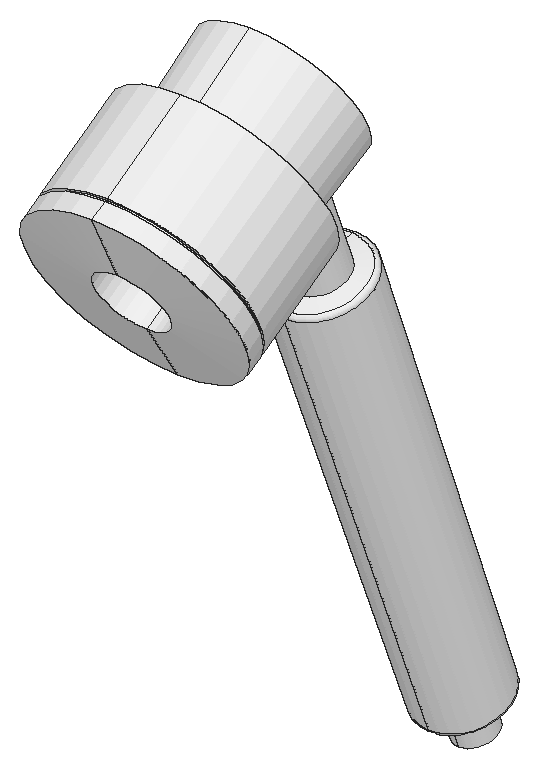
Revit family "Handshower-American_Standard-FloWise_Modern-1660_Series", category Plumbing Fixtures, Revit 2015
Parameters (values of type "1660.641.002")
  Width = 2 1/2"
  Waste Connection = yes
  WFU = 4
  Vent Connection = no
  URL = "https://www.americanstandard-us.com/"
  Type Comments = ""
  Product Page URL = "https://www.americanstandard-us.com/bathroom/shower-faucets/flowise-modern-water-saving-hand-shower-20152"
  Product Documentation Link = "https://www.americanstandard-us.com/-/media/sites/asus/files/product-specs/bulk/specsheet1660641.pdf?la=en"
  Price = "Prices may vary. Please consult Manufacturer Representative for most up-to-date price list."  # constant formula
  NPT Connection Size = 1/2"
  Model = "1660.641.002"
  Material = "Brass-American Standard-002-Polished Chrome"
  Manufacturer = "American Standard"
  Height = 9 1/2"
  HWFU = 3
  HW Connection = yes
  Flow Rate = "1.5gpm"
  Finish = Brass-American Standard-002-Polished Chrome
  Description = "Flowise Modern Water Saving Hand Shower"
  Default Elevation = 0"
  Creation Date = "07/17/2017"
  CWFU = 3
  CW Connection = yes
  Assembly Code = "D2010700"
Types (3): name | Model | Material | Finish
  (no name) | "1660.641.002" | "Brass-American Standard-002-Polished Chrome" | Brass-American Standard-002-Polished Chrome
  1660.641.002 | "1660.641.002" | "Brass-American Standard-002-Polished Chrome" | Brass-American Standard-002-Polished Chrome
  1660.641.295 | "1660.641.295" | "Brass-American Standard-295-Brushed Nickel" | Brass-American Standard-295-Brushed Nickel
Reference planes (in)
  plane 1 "Center (Front/Back)": y = 0
  plane 2: z = 0
  plane 3 "Center (Left/Right)": x = 0
  plane 4: z = 0
  plane 5: through (0, -4.75, 8.22724) normal (0, -0.5, 0.866)
  plane 6: through (0, 0, 0) normal (0, 0.5, -0.866)
  plane 7: through (0, 0, 0) normal (0, 0.9304, 0.3666)
  plane 8: through (0, -6.20901, 4.49813) normal (0, 0.5, -0.866)
  plane 9: through (0, -5.66081, 7.88117) normal (0, -0.866, -0.5)
  plane 10: through (0, -1.83812, 6.26008) normal (0, 0.866, 0.5)
  plane 11: through (0, 0.2326, 0.09165) normal (0, 0.9304, 0.3666)
  plane 12: through (0, -0.2326, -0.09165) normal (0, 0.9304, 0.3666)
Forms (in)
  Revolve 1, solid, material "Brass-American Standard-002-Polished Chrome" <- "Finish"
    sketch origin (0, 0, 0) x (0, 1, 0) y (0, 0, 1)
      loop
        line (-0.21891, -0.12639) -> (0.01369, -0.03474) -> (-2.79063, 7.08233) -> (-3.09789, 6.96126) -> (-2.5839, 5.65681) -> (-2.75503, 5.55801)
        arc (-2.75503, 5.55801) -> (-2.78188, 5.52543) -> (-2.78078, 5.48322) r 0.06028
        line (-2.78078, 5.48322) -> (-0.66116, 0.23699)
        arc (-0.66116, 0.23699) -> (-0.64838, 0.22393) -> (-0.63011, 0.22365) r 0.02401
        line (-0.63011, 0.22365) -> (-0.39356, 0.31686) -> (-0.21891, -0.12639)
      axis (0.01369, -0.03474) -> (-2.79063, 7.08233)
    angle from 0 to 360
  Revolve 2, solid, material "Brass-American Standard-002-Polished Chrome" <- "Finish"
    sketch origin (0, 0, 0) x (0, 1, 0) y (0, 0, 1)
      loop
        arc (-5.58296, 7.74633) -> (-5.41681, 7.37485) -> (-5.22669, 7.01506) r 6.20853
        line (-5.22669, 7.01506) -> (-4.31122, 7.5436) -> (-4.09193, 7.1638) -> (-2.7929, 7.9138) -> (-3.27313, 8.74559) -> (-4.12169, 8.21535) -> (-4.28392, 8.49633) -> (-5.36035, 7.87485) -> (-5.34228, 7.84355) -> (-5.37247, 7.82612) -> (-5.39055, 7.85742) -> (-5.58296, 7.74633)
      axis (-5.00741, 6.63525) -> (-2.7929, 7.9138)
    angle from 0 to 360
Cuts and joins
  joined: Revolve 1, Revolve 2
Lines and regions (in)
  Masking region 1
    outline origin (0, 0, 0) x (1, 0, 0) y (0, 1, 0)
      loop
        circle (0, 0) r 0.9375
  Masking region 2
    outline origin (0, 0, 0) x (1, 0, 0) y (0, 1, 0)
      loop
        arc (0.54508, -0.76275) -> (0, 0.9375) -> (-0.54508, -0.76275) r 0.9375
        line (-0.54508, -0.76275) -> (-0.57856, -2.2548)
        arc (-0.57856, -2.2548) -> (-0.57276, -2.32873) -> (-0.5523, -2.4) r 0.36893
        spline (-0.5523, -2.4) -> (-0.61321, -2.42328) -> (-0.67022, -2.44891) -> (-0.72296, -2.47674) -> (-0.77109, -2.50658) -> (-0.81431, -2.53824) -> (-0.85234, -2.57153) -> (-0.88493, -2.60623) -> (-0.91189, -2.64211) -> (-0.93304, -2.67896) -> (-0.94824, -2.71653) -> (-0.95741, -2.75459) -> (-0.96047, -2.7929)
        line (-0.96047, -2.7929) -> (-0.96047, -3.25892)
        spline (-0.96047, -3.25892) -> (-1.00513, -3.28737) -> (-1.04643, -3.31706) -> (-1.08423, -3.3479) -> (-1.11839, -3.37977) -> (-1.14882, -3.41259) -> (-1.17539, -3.44623) -> (-1.19803, -3.48058) -> (-1.21665, -3.51552) -> (-1.23121, -3.55095) -> (-1.24164, -3.58674) -> (-1.24791, -3.62277) -> (-1.25, -3.65892)
        line (-1.25, -3.65892) -> (-1.25, -4.95796)
        spline (-1.25, -4.95796) -> (-1.20741, -5.11972) -> (-1.08253, -5.27046) -> (-0.88388, -5.3999) -> (-0.625, -5.49923) -> (-0.32352, -5.56166) -> (0, -5.58296) -> (0.32352, -5.56166) -> (0.625, -5.49923) -> (0.88388, -5.3999) -> (1.08253, -5.27046) -> (1.20741, -5.11972) -> (1.25, -4.95796)
        line (1.25, -4.95796) -> (1.25, -3.65892)
        spline (1.25, -3.65892) -> (1.24791, -3.62277) -> (1.24164, -3.58674) -> (1.23121, -3.55095) -> (1.21665, -3.51552) -> (1.19803, -3.48058) -> (1.17539, -3.44623) -> (1.14882, -3.41259) -> (1.11839, -3.37977) -> (1.08423, -3.3479) -> (1.04643, -3.31706) -> (1.00513, -3.28737) -> (0.96047, -3.25892)
        line (0.96047, -3.25892) -> (0.96047, -2.7929)
        spline (0.96047, -2.7929) -> (0.95741, -2.75459) -> (0.94824, -2.71653) -> (0.93304, -2.67896) -> (0.91189, -2.64211) -> (0.88493, -2.60623) -> (0.85234, -2.57153) -> (0.81431, -2.53824) -> (0.77109, -2.50658) -> (0.72296, -2.47674) -> (0.67022, -2.44891) -> (0.61321, -2.42328) -> (0.5523, -2.4)
        arc (0.5523, -2.4) -> (0.57276, -2.32873) -> (0.57856, -2.2548) r 0.36893
        line (0.57856, -2.2548) -> (0.54508, -0.76275)
  symbolic lines, detail levels medium+fine
    curve 1: arc (-0.54508, -0.76275, 0) -> (0, -0.9375, 0) -> (0.54508, -0.76275, 0) r 0.9375
    curve 5: spline (-0.96047, -2.7929, 0) -> (-0.92774, -2.91719, 0) -> (-0.83179, -3.03301, 0) -> (-0.67915, -3.13247, 0) -> (-0.48023, -3.20879, 0) -> (-0.24859, -3.25677, 0) -> (0, -3.27313, 0) -> (0.24859, -3.25677, 0) -> (0.48023, -3.20879, 0) -> (0.67915, -3.13247, 0) -> (0.83179, -3.03301, 0) -> (0.92774, -2.91719, 0) -> (0.96047, -2.7929, 0)
    curve 8: spline (0.54831, -2.39861, 0) -> (0.46462, -2.37259, 0) -> (0.37603, -2.351, 0) -> (0.28349, -2.33406, 0) -> (0.18796, -2.32195, 0) -> (0.09045, -2.3148, 0) -> (-0.00801, -2.31268, 0) -> (-0.10639, -2.31562, 0) -> (-0.20364, -2.32358, 0) -> (-0.29876, -2.33649, 0) -> (-0.39072, -2.3542, 0) -> (-0.47858, -2.37653, 0) -> (-0.56139, -2.40324, 0)
    curve 12: arc (-0.57856, -2.2548, 0) -> (0, -1.67624, 0) -> (0.57856, -2.2548, 0) r 0.57856
    curve 13: spline (-1.25, -3.65892, 0) -> (-1.20741, -3.82068, 0) -> (-1.08253, -3.97142, 0) -> (-0.88388, -4.10086, 0) -> (-0.625, -4.20019, 0) -> (-0.32352, -4.26263, 0) -> (0, -4.28392, 0) -> (0.32352, -4.26263, 0) -> (0.625, -4.20019, 0) -> (0.88388, -4.10086, 0) -> (1.08253, -3.97142, 0) -> (1.20741, -3.82068, 0) -> (1.25, -3.65892, 0)
  symbolic lines, detail levels fine
    curve 2: spline (-0.92554, -3.65892, 0) -> (-0.89401, -3.7787, 0) -> (-0.80155, -3.89031, 0) -> (-0.65446, -3.98615, 0) -> (-0.46277, -4.05969, 0) -> (-0.23955, -4.10593, 0) -> (0, -4.12169, 0) -> (0.23955, -4.10593, 0) -> (0.46277, -4.05969, 0) -> (0.65446, -3.98615, 0) -> (0.80155, -3.89031, 0) -> (0.89401, -3.7787, 0) -> (0.92554, -3.65892, 0)
    curve 3: spline (1.25, -4.76555, 0) -> (1.20675, -4.92852, 0) -> (1.08001, -5.08022, 0) -> (0.87853, -5.21015, 0) -> (0.61626, -5.30931, 0) -> (0.31135, -5.37085, 0) -> (-0.0151, -5.3905, 0) -> (-0.34051, -5.36691, 0) -> (-0.64235, -5.30171, 0) -> (-0.89975, -5.19941, 0) -> (-1.09489, -5.06709, 0) -> (-1.21428, -4.9139, 0) -> (-1.24964, -4.75045, 0)
    curve 4: spline (-1.24964, -4.75045, 0) -> (-1.19995, -4.91044, 0) -> (-1.06973, -5.05869, 0) -> (-0.86772, -5.18523, 0) -> (-0.60748, -5.28158, 0) -> (-0.30648, -5.34128, 0) -> (0.0151, -5.36031, 0) -> (0.33566, -5.3374, 0) -> (0.6337, -5.27408, 0) -> (0.88921, -5.17462, 0) -> (1.08504, -5.04567, 0) -> (1.20806, -4.8959, 0) -> (1.25, -4.73535, 0)
    curve 6: line (0.92554, -3.65892, 0) -> (0.96047, -3.25892, 0)
    curve 7: line (-0.92554, -3.65892, 0) -> (-0.96047, -3.25892, 0)
    curve 9: spline (0.33025, -2.27664, 0) -> (0.319, -2.19712, 0) -> (0.286, -2.12301, 0) -> (0.23352, -2.05938, 0) -> (0.16512, -2.01055, 0) -> (0.08547, -1.97985, 0) -> (0, -1.96939, 0) -> (-0.08547, -1.97985, 0) -> (-0.16512, -2.01055, 0) -> (-0.23352, -2.05938, 0) -> (-0.286, -2.12301, 0) -> (-0.319, -2.19712, 0) -> (-0.33025, -2.27664, 0)
    curve 10: line (-0.33025, -2.27664, 0) -> (-0.33025, -2.34447, 0)
    curve 11: line (0.33025, -2.27664, 0) -> (0.33025, -2.34447, 0)
Dimensions and locks (in)
  plane 6 to plane 5 = 9 1/2"
  plane 10 to plane 9 = 2 1/2"
  plane 5 to plane 8 = 2 1/2"
Connectors (in)
  piping at (0, 0.01369, -0.03474), diameter 0.5, driven by "NPT Connection Size"
    settings: on cut or joined group of Revolve 1, Revolve 2, index 1, connector inside diameter 24", connector length 0", flow factor 0, pipe flow 0 GPM, pressure drop 0.00 psi, fitting loss kfactor 0, connector angle 0.00°, fixture units 0, engagement length 0", angle of deflection 0.00°, flow configuration 0, flow direction 1, fitting loss method 0, system type 29, joint type 0, gender type 0, connector reference index -1, connector utility 0, adjustable connector no, is connector primary yes, connector description "1/2\" Water Supply Inlet"
